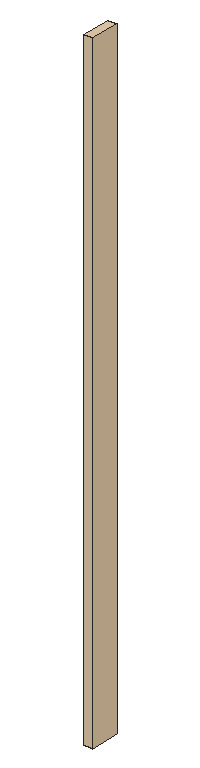
Revit family "TFG_Timber_Stud", category Structural Columns, Revit 2025
Family settings
  Section Shape = Rectangle
  Material for Model Behavior = Wood
  Always export as geometry = No
  Beam cutback in plan = From geometry
  OmniClass Number = 23.25.30.11.14.11
  OmniClass Title = Columns
  Cut with Voids When Loaded = No
  Symbolic Representation = From Project Settings
  Shared = No
  Show family pre-cut in plan views = No
Parameters (values of type "2x6 (Ripped to 5")")
  d = 5"
  b actual = if(_QTY = 1, b, b * QTY actual)  # 1 1/2"
  b = 1 1/2"
  _Width = if(_QTY < 2, b, b * _QTY)  # 1 1/2"
  _QTY = 1
  _Height [instance] = 108"
  Type Comments = "_See Type Catalog for Additional Sizes"
  Symbolic X Individual = not(Symbolic X Overall)  # yes
  Symbolic X Overall = no
  Symbolic Offset = 3"
  Structural Material = Lumber, Solid Sawn
  Single = _QTY < 2  # yes
  QTY actual = if(_QTY < 2, 2, _QTY)  # 2
  Piece Type [instance] = ""
  Multiple = _QTY > 1  # no
  Critical placement [instance] = no
Types (16): name | d | b actual | _Width | _QTY | Structural Material | Single | Multiple
  2x6 (Ripped to 5") | 5" | 1 1/2" | 1 1/2" | 1 | Lumber, Solid Sawn | yes | no
  (2)-LVL 1 3/4x5 1/2 | 5 1/2" | 3" | 3" | 2 | Lumber, Engineered | no | yes
  LVL 1 3/4x5 1/2 | 5 1/2" | 1 1/2" | 1 1/2" | 1 | Lumber, Engineered | yes | no
  4x8 | 7 1/4" | 1 1/2" | 1 1/2" | 1 | Lumber, Solid Sawn | yes | no
  4x6 | 5 1/2" | 1 1/2" | 1 1/2" | 1 | Lumber, Solid Sawn | yes | no
  4x4 | 3 1/2" | 1 1/2" | 1 1/2" | 1 | Lumber, Solid Sawn | yes | no
  (2)-2x12 | 11 1/4" | 3" | 3" | 2 | Lumber, Solid Sawn | no | yes
  2x12 | 11 1/4" | 1 1/2" | 1 1/2" | 1 | Lumber, Solid Sawn | yes | no
  (2)-2x10 | 9 1/4" | 3" | 3" | 2 | Lumber, Solid Sawn | no | yes
  2x10 | 9 1/4" | 1 1/2" | 1 1/2" | 1 | Lumber, Solid Sawn | yes | no
  2x8 | 7 1/4" | 1 1/2" | 1 1/2" | 1 | Lumber, Solid Sawn | yes | no
  (2)-2x6 | 5 1/2" | 3" | 3" | 2 | Lumber, Solid Sawn | no | yes
  2x6 | 5 1/2" | 1 1/2" | 1 1/2" | 1 | Lumber, Solid Sawn | yes | no
  (2)-2x4 | 3 1/2" | 3" | 3" | 2 | Lumber, Solid Sawn | no | yes
  2x4 | 3 1/2" | 1 1/2" | 1 1/2" | 1 | Lumber, Solid Sawn | yes | no
  17 x 20 | 7 1/4" | 3" | 3" | 2 | Lumber, Solid Sawn | no | yes
Reference planes (in)
  plane 1 "Center (Front/Back)": y = 0
  plane 2 "Ground Plane": z = 0
  plane 3 "Center (Left/Right)": x = 0
  plane 4 "Left": x = -0.75
  plane 5 "Right": x = 0.75
  plane 6 "Front": y = 2.5
  plane 7 "Back": y = -2.5
  plane 8 "Symbology": z = 3
Lines and regions (in)
  symbolic lines, visible <- "Symbolic X Overall"
    curve 1: line (-0.75, 2.5, 3) -> (0.75, -2.5, 3)
    curve 2: line (-0.75, -2.5, 3) -> (0.75, 2.5, 3)
Dimensions and locks (in)
  equal spacing: plane 4 "Left", plane 3 "Center (Left/Right)", plane 5 "Right"
  equal spacing: plane 7 "Back", plane 1 "Center (Front/Back)", plane 6 "Front"
  "_Width": plane 4 "Left" to plane 5 "Right"
  "d": plane 7 "Back" to plane 6 "Front"
  "_Height": level to level
  group 1 to group 2 = 0"  (x3)
  "Symbolic Offset": level to plane 8 "Symbology"
  aligned and locked: level to plane 2 "Ground Plane"
  aligned and locked: plane 5 "Right" to nested 3
  aligned and locked: plane 4 "Left" to nested 1
  aligned and locked: plane 1 "Center (Front/Back)" to nested 2
  aligned and locked: plane 3 "Center (Left/Right)" to nested 2
  aligned and locked: plane 1 "Center (Front/Back)" to nested 1
  aligned and locked: plane 1 "Center (Front/Back)" to nested 3
  aligned and locked: plane 4 "Left" to curve 1
  aligned and locked: plane 4 "Left" to curve 2
  aligned and locked: plane 7 "Back" to curve 2
  aligned and locked: plane 7 "Back" to curve 1
  aligned and locked: plane 6 "Front" to curve 2
  aligned and locked: plane 6 "Front" to curve 1
  aligned and locked: plane 5 "Right" to curve 2
  aligned and locked: plane 5 "Right" to curve 1
Nested families (in)
  nested 1: "SC_Rectangle" at (0, 0, 0), visible <- "Multiple", type "SC_Rectangle"
    with h 108", d 5", b 1 1/2"
  nested 2: "SC_Rectangle" at (0, 0, 0), visible <- "Single", type "SC_Rectangle"
    with h 108", d 5", b 1 1/2"
  nested 3: "SC_Rectangle" at (0, 0, 0), visible <- "Multiple", type "SC_Rectangle"
    with h 108", d 5", b 1 1/2"
Definition of nested family "SC_Rectangle"
  Parameters (values of type "SC_Rectangle")
    h = 61"
    d = 18"
    b = 10"
    Symbolic X = yes
    Symbolic Offset = 3"
    Structural Material = none
  Reference planes (in)
    plane 1 "Center (Front/Back)": y = 0
    plane 2 "Bottom": z = 0
    plane 3 "Center (Left/Right)": x = 0
    plane 4 "Right": x = 5
    plane 5 "Left": x = -5
    plane 6 "Back": y = -9
    plane 7 "Front": y = 9
    plane 8 "Top": z = 61
    plane 9 "Symbolic Offset": z = 3
  Forms (in)
    Extrusion 1, solid, material <- "Structural Material"
      sketch origin (0, 0, 0) x (1, 0, 0) y (0, 1, 0)
        loop
          line (-5, 9) -> (-5, -9) -> (5, -9) -> (5, 9) -> (-5, 9)
      from 0 to 61
  Lines and regions (in)
    symbolic lines, visible <- "Symbolic X"
      curve 1: line (-5, 9, 3) -> (5, -9, 3)
      curve 2: line (-5, -9, 3) -> (5, 9, 3)
  Dimensions and locks (in)
    equal spacing: plane 5 "Left", plane 3 "Center (Left/Right)", plane 4 "Right"
    equal spacing: plane 6 "Back", plane 1 "Center (Front/Back)", plane 7 "Front"
    "d": plane 6 "Back" to plane 7 "Front"
    "b": plane 5 "Left" to plane 4 "Right"
    "Symbolic Offset": plane 9 "Symbolic Offset" to plane 2 "Bottom"
    "h": plane 8 "Top" to plane 2 "Bottom"
    aligned and locked: level to plane 2 "Bottom"
    aligned and locked: plane 7 "Front" to Extrusion 1 sketch curve
    aligned and locked: plane 5 "Left" to Extrusion 1 sketch curve
    aligned and locked: plane 6 "Back" to Extrusion 1 sketch curve
    aligned and locked: plane 4 "Right" to Extrusion 1 sketch curve
    aligned and locked: Extrusion 1 to plane 8 "Top"
    aligned and locked: plane 7 "Front" to curve 1
    aligned and locked: plane 6 "Back" to curve 1
    aligned and locked: plane 5 "Left" to curve 2
    aligned and locked: plane 4 "Right" to curve 2
    aligned and locked: plane 7 "Front" to curve 2
    aligned and locked: plane 5 "Left" to curve 1
    aligned and locked: plane 6 "Back" to curve 2
    aligned and locked: plane 4 "Right" to curve 1
